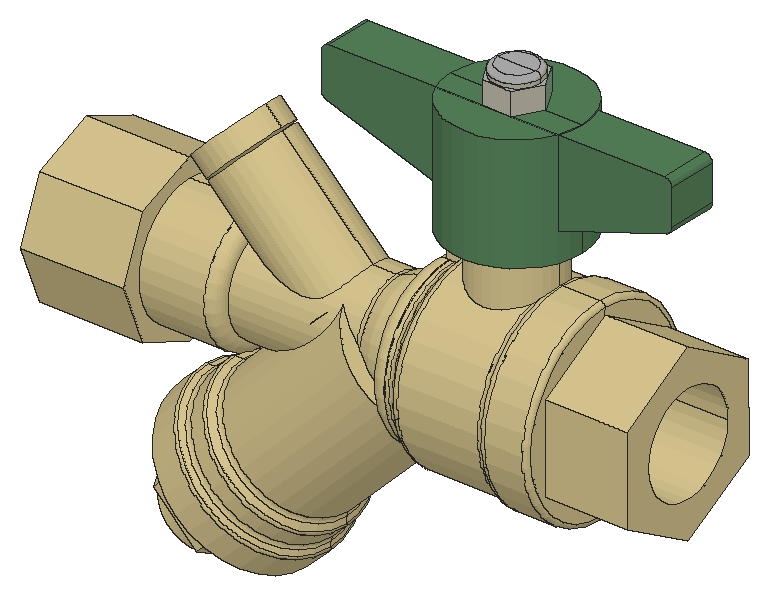
Revit family "QD36240000", category Apparecchi idraulici, Revit 2020
Family settings
  Quota connettore circolare = Usa diametro
  Tipo di parte = Normale
  Numero OmniClass = 23.45.00.00
  Titolo OmniClass = Sanitary, Laundry, and Cleaning Equipment
  Basato su piano di lavoro = No
  Sempre verticale = Sì
  Taglio con vuoti quando caricato = No
  Condiviso = No
  Punto di calcolo locali = No
Parameters
  URL = "https://web.cimberio.it/index.php/figura/1693?subcategoria_id=89"
  Temperatura di esercizio = "-20 ÷ 90°C"
  Prospetto di default = 0 mm
  Produttore = "CIMBERIO SPA"
  Pressione nominale = "PN 16"
  Modello = "Cim 622CRNL/1"
  Materiale = "Prodotto in lega di ottone conforme alla norma EN 12165-CW617N-DW"
  Descrizione = "Utilizzato nei più svariati settori dell'impiantistica: reti di distribuzione acqua potabile, impianti di riscaldamento, condizionamento, igienico-sanitari e in generale con ogni fluido non corrosivo"
  DN Model [instance] = QD36241020 : QD36241020
  DN [instance] = 20 mm
  Commenti sul tipo = "Realizzato in ottemperanza ai requisiti gestionali della norma EN ISO 9001.\r\nCollaudato al 100% secondo la normativa EN 12266-1"
Reference planes
  plane 1 "Centro (Fronte/Retro)": y = 0
  plane 2: z = 0
  plane 3 "Centro (Sinistra/Destra)": x = 0
Dimensions and locks
  aligned and locked: level to plane 2
Nested families
  nested 1: "QD36241020" at (0, 0, 0), type <- "DN Model", type "QD36241020"
    with DN 10 mm
  nested 2: "QD36241020" at (0, 0, 0), type <- "DN Model", type "QD36241020"
    with DN 10 mm
  nested 3: "QD36241020" at (0, 0, 0), type <- "DN Model", type "QD36241020"
    with DN 10 mm
  nested 4: "QD36241020" at (0, 0, 0), type <- "DN Model", type "QD36241020"
    with DN 10 mm
  nested 5: "QD36241020" at (0, 0, 0), type <- "DN Model", type "QD36241020"
    with DN 10 mm
  nested 6: "QD36241020" at (0, 0, 0), type <- "DN Model", type "QD36241020"
    with DN 10 mm
Connectors
  piping at (-86, 0, 0), diameter 20, driven by "DN"
    settings: on nested 1, index 1, connector inside diameter 609.6 mm, connector length 0 mm, flow factor 0, pipe flow 0.0 L/s, pressure drop 0.0 Pa, fitting loss kfactor 0, connector angle 0.00°, fixture units 0, engagement length 0 mm, angle of deflection 0.00°, flow configuration 0, flow direction 0, fitting loss method 0, system type 7, joint type 0, gender type 0, connector reference index -1, connector utility 0, adjustable connector no, is connector primary yes, connector description ""
  piping at (34.216, 0, 0), diameter 20, driven by "DN"
    settings: on nested 1, index 2, connector inside diameter 609.6 mm, connector length 0 mm, flow factor 0, pipe flow 0.0 L/s, pressure drop 0.0 Pa, fitting loss kfactor 0, connector angle 0.00°, fixture units 0, engagement length 0 mm, angle of deflection 0.00°, flow configuration 0, flow direction 0, fitting loss method 0, system type 7, joint type 0, gender type 0, connector reference index -1, connector utility 0, adjustable connector no, is connector primary no, connector description ""
Definition of nested family "QD36241020"
  Parameters (values of type "QD36241020")
    Default Elevation = 0 mm
    DN [instance] = 10 mm  # constant formula
  Reference planes
    plane 1 "Centro (Fronte/Retro)": y = 0
    plane 2: z = 0
    plane 3 "Centro (Sinistra/Destra)": x = 0
  Forms (mm)
    Revolve 1, solid
      sketch origin (0, 0, 4.284) x (1, 0, 0) y (0, 0, 1)
        loop
          line (0, 51.8) -> (0, 50.016) -> (4.75, 50.016) -> (4.75, 50.8)
          arc (4.75, 50.8) -> (4.457, 51.507) -> (3.75, 51.8) r 1
          line (3.75, 51.8) -> (0, 51.8)
        axis (0, 51.8) -> (0, 50.016)
      angle from 0 to 360
    Revolve 2, solid
      sketch origin (0, 0, 0) x (1, 0, 0) y (0, 0, 1)
        loop
          line (17.6, -10) -> (-13.503, -10) -> (-13.503, -16.25) -> (-12.621, -16.25)
          arc (-12.621, -16.25) -> (-12.047, -16.364) -> (-11.561, -16.689) r 1.5
          line (-11.561, -16.689) -> (-10.189, -18.061)
          arc (-10.189, -18.061) -> (-9.703, -18.386) -> (-9.129, -18.5) r 1.5
          line (-9.129, -18.5) -> (6.882, -18.5)
          arc (6.882, -18.5) -> (7.494, -18.631) -> (8, -19) r 1.5
          arc (8, -19) -> (8.506, -19.369) -> (9.118, -19.5) r 1.5
          line (9.118, -19.5) -> (16.6, -19.5)
          arc (16.6, -19.5) -> (17.307, -19.207) -> (17.6, -18.5) r 1
          line (17.6, -18.5) -> (17.6, -10)
        axis (17.6, 0) -> (-13.503, 0)
      angle from 0 to 360
    Revolve 3, solid
      sketch origin (0, 0, 0) x (1, 0, 0) y (0, 0, 1)
        loop
          arc (-17.691, 11.916) -> (-20.511, 11.34) -> (-23.169, 10.235) r 15
          arc (-23.169, 10.235) -> (-23.625, 10.06) -> (-24.11, 10) r 2
          line (-24.11, 10) -> (-49.808, 10)
          arc (-49.808, 10) -> (-50.454, 11.928) -> (-52.314, 12.75) r 2.517
          line (-52.314, 12.75) -> (-65.412, 12.75) -> (-65.412, 9) -> (-13.495, 9) -> (-13.495, 16.146)
          arc (-13.495, 16.146) -> (-15.614, 15.818) -> (-16.7, 13.968) r 2.5
          line (-16.7, 13.968) -> (-16.8, 12.824)
          arc (-16.8, 12.824) -> (-17.082, 12.21) -> (-17.691, 11.916) r 1
        axis (-65.412, 0) -> (-13.495, 0)
      angle from 0 to 360
    Extrusion 4, solid
      sketch origin (-11, 0, 0) x (0, 0, 1) y (0, 1, 0)
        loop
          circle (0, 0) r 10
        loop
          line (16.5, 0) -> (11.667, 11.667) -> (0, 16.5) -> (-11.667, 11.667) -> (-16.5, 0) -> (-11.667, -11.667) -> (0, -16.5) -> (11.667, -11.667) -> (16.5, 0)
      from 54.412 to 75
    Extrusion 5, solid
      sketch origin (66.912, 0, 0) x (0, 0, 1) y (0, 1, 0)
        loop
          circle (0, 0) r 10
        loop
          line (17.35, 0) -> (8.675, 15.026) -> (-8.675, 15.026) -> (-17.35, 0) -> (-8.675, -15.026) -> (8.675, -15.026) -> (17.35, 0)
      from 32.696 to 49.312
    Revolve 6, solid
      sketch origin (0, 0, 4.062) x (1, 0, 0) y (0, 0, 1)
        loop
          line (0, 33.394) -> (0, 10.626) -> (8.486, 10.626) -> (8.486, 33.394) -> (0, 33.394)
        axis (0, 33.394) -> (0, 10.626)
      angle from 0 to 360
    Extrusion 7, solid
      sketch origin (0, 0, 4.062) x (1, 0, 0) y (0, 0, 1)
        loop
          line (-8.5, 27.278) -> (-14, 27.278) -> (-14, 10.666) -> (-8.5, 10.666) -> (-8.5, 27.278)
      from -1.851 to 0
    Revolve 8, solid
      sketch origin (0, 0, 0) x (1, 0, 0) y (0, 0, 1)
        loop
          line (-52.6, 21.793) -> (-33.184, 2.378) -> (-27.27, 8.291) -> (-46.686, 27.707) -> (-52.6, 21.793)
        axis (-52.6, 21.793) -> (-33.184, 2.378)
      angle from 0 to 360
    Revolve 9, solid
      sketch origin (0, 0, 0) x (1, 0, 0) y (0, 0, 1)
        loop
          line (-54.133, -36.133) -> (-41.759, -48.508) -> (-37.463, -44.211)
          arc (-37.463, -44.211) -> (-37.246, -43.887) -> (-37.17, -43.504) r 1
          line (-37.17, -43.504) -> (-37.17, -42.418)
          arc (-37.17, -42.418) -> (-37.055, -41.844) -> (-36.73, -41.358) r 1.5
          line (-36.73, -41.358) -> (-34.281, -38.908)
          arc (-34.281, -38.908) -> (-34.064, -38.584) -> (-33.988, -38.201) r 1
          line (-33.988, -38.201) -> (-33.988, -36.762)
          arc (-33.988, -36.762) -> (-33.874, -36.188) -> (-33.548, -35.701) r 1.5
          line (-33.548, -35.701) -> (-10.068, -12.22) -> (-20.144, -2.144) -> (-54.133, -36.133)
        axis (-54.133, -36.133) -> (-20.144, -2.144)
      angle from 0 to 360
    Extrusion 10, solid
      sketch origin (-52.6, 0, 21.793) x (0.707107, 0, 0.707107) y (0, 1, 0)
        loop
          circle (0, 0) r 8.363
      from 0.5 to 5
    Extrusion 11, solid
      sketch origin (-54.133, 0, -36.133) x (0, 1, 0) y (0.707107, 0, -0.707107)
        loop
          line (0, -12.25) -> (10.609, -6.125) -> (10.609, 6.125) -> (0, 12.25) -> (-10.609, 6.125) -> (-10.609, -6.125) -> (0, -12.25)
      from 0 to 8
    Revolve 12, solid
      sketch origin (0, 0, 0) x (1, 0, 0) y (0, 0, 1)
        loop
          line (1.616, 26.8) -> (13.15, 26.8) -> (13.15, 49.8) -> (0.016, 49.8) -> (0.016, 32.8) -> (1.616, 32.8) -> (1.616, 26.8)
        axis (0.016, 49.8) -> (0.016, 26.8)
      angle from 0 to 360
    Extrusion 13, solid
      sketch origin (0, 0, 0) x (1, 0, 0) y (0, 0, 1)
        loop
          line (33.516, 49.8) -> (-33.484, 49.8)
          arc (-33.484, 49.8) -> (-34.545, 49.361) -> (-34.984, 48.3) r 1.5
          line (-34.984, 48.3) -> (-34.984, 41.227)
          arc (-34.984, 41.227) -> (-34.698, 40.345) -> (-33.948, 39.8) r 1.5
          line (-33.948, 39.8) -> (-12.404, 32.8) -> (12.436, 32.8) -> (33.979, 39.8)
          arc (33.979, 39.8) -> (34.729, 40.345) -> (35.016, 41.227) r 1.5
          line (35.016, 41.227) -> (35.016, 48.3)
          arc (35.016, 48.3) -> (34.577, 49.361) -> (33.516, 49.8) r 1.5
      from -5 to 5
    Extrusion 14, solid
      sketch origin (0, 0, 28.55) x (1, 0, 0) y (0, 1, 0)
        loop
          line (-5.775, 0) -> (-2.887, -5.001) -> (2.887, -5.001) -> (5.775, 0) -> (2.887, 5.001) -> (-2.887, 5.001) -> (-5.775, 0)
      from 21.25 to 25.75
    Extrusion 15, solid
      sketch origin (-59.436, 0, -41.436) x (-0.707107, 0, 0.707107) y (0, 1, 0)
        loop
          circle (0, 0) r 8.363
      from 0.5 to 5
  Dimensions and locks
    aligned and locked: level to plane 2
